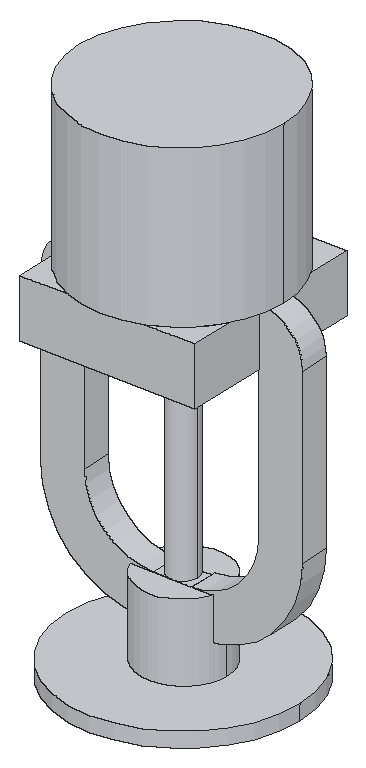
Revit family
Parameters (values of type "RASCO F1FR56-300 PENDENT")
  Temperature Rating = 135 °F
  Response = 1
  RASCO SIN # = "RA2614"
  RASCO Part # = "F1FR56P0W3"
  Pressure Rating = "300 PSI"
  Pressure Class = 1
  Orifice Size = 1/2"
  Orifice = (empty or 0)
  Model = "F1FR56-300"
  Manufacturer = "RASCO"
  K-Factor = 5.6
  Description = "White Finish"
  Coverage = (empty or 0)
Reference planes (in)
  plane 1 "Center (Front/Back)": y = 0
  plane 2: z = 0
  plane 3 "Center (Left/Right)": x = 0
Dimensions and locks (in)
  aligned and locked: plane 2 to level
Nested families (in)
  nested 1: "F1FR56P0W3" at (-0.0113, 0, 2.4375) x (-1, 0, 0) z (0, 0, -1), type "RASCO F1FR56-300 PENDENT"
Connectors (in)
  piping at (-0.0113, 0, 2.4375)
    settings: on nested 1, index 1, connector radius 115/256", flow factor 0, pipe flow 0 GPM, pressure drop 0.00 psi, fitting loss kfactor 0, connector angle 0.00°, fixture units 0, flow configuration 0, flow direction 0, fitting loss method 0, system type 7, connector reference index -1, connector utility 0, adjustable connector no, is connector primary yes, fitting loss table "", connector description ""
Definition of nested family "F1FR56P0W3"
  Parameters (values of type "RASCO F1FR56-300 PENDENT")
    Type Comments = ""
    Temperature Rating = 0 °F
    Response = (empty or 0)
    Pressure Rating = "0"
    Pressure Class = (empty or 0)
    Orifice Size = 0"
    Orifice = (empty or 0)
    Model = ""
    Manufacturer = ""
    K-Factor = 0
    Description = ""
    Coverage = (empty or 0)
    Assembly Code = ""
  Reference planes (in)
    plane 1 "Center (Front/Back)": y = 0
    plane 2: z = 0
    plane 3 "ref.2": z = 0.6875
    plane 4 "ref.3": z = 0.9375
    plane 5: x = -0.38065
    plane 6: x = 0.36935
    plane 7 "ref. side 1": y = 0.06402
    plane 8 "ref. side 2": y = -0.06098
    plane 9 "ref.4": z = 1.875
    plane 10 "ref.5": z = 2.3125
    plane 11 "ref.6": z = 2.4375
  Forms (in)
    Extrusion 1, solid
      sketch origin (0, 0, 0) x (1, 0, 0) y (0, 1, 0)
        loop
          circle (0, 0) r 0.4379
      from 0 to 0.6875
    Extrusion 2, solid
      sketch origin (-0.12185, 0.05177, 0.6875) x (1, 0, 0) y (0, 1, 0)
        loop
          line (-0.2588, 0.356) -> (-0.2588, -0.4565) -> (0.4912, -0.4565) -> (0.4912, 0.356) -> (-0.2588, 0.356)
      from 0 to 0.25
    Extrusion 3, solid
      sketch origin (0, 0, 0) x (1, 0, 0) y (0, 0, 1)
        loop
          line (-0.38065, 0.68754) -> (-0.38065, 1.58397)
          arc (-0.38065, 1.58397) -> (-0.29541, 1.78976) -> (-0.08962, 1.875) r 0.29103
          line (-0.08962, 1.875) -> (0.07524, 1.875)
          arc (0.07524, 1.875) -> (0.28321, 1.78886) -> (0.36935, 1.58089) r 0.29411
          line (0.36935, 1.58089) -> (0.36935, 0.68751)
          arc (0.36935, 0.68751) -> (0.50207, 0.74393) -> (0.55685, 0.87734) r 0.18984
          line (0.55685, 0.87734) -> (0.55685, 1.61676)
          arc (0.55685, 1.61676) -> (0.42629, 1.93194) -> (0.11111, 2.0625) r 0.44574
          line (0.11111, 2.0625) -> (-0.12259, 2.0625)
          arc (-0.12259, 2.0625) -> (-0.43765, 1.932) -> (-0.56815, 1.61694) r 0.44556
          line (-0.56815, 1.61694) -> (-0.56815, 0.87876)
          arc (-0.56815, 0.87876) -> (-0.51345, 0.74486) -> (-0.38065, 0.68754) r 0.19126
      from -0.06402 to 0.06098
    Extrusion 4, solid
      sketch origin (0, 0, 0.9375) x (-1, 0, 0) y (0, -1, 0)
        loop
          circle (0.00574, -0.00152) r 0.0625
      from 0 to 0.9375
    Extrusion 5, solid
      sketch origin (0, 0, 1.875) x (-1, 0, 0) y (0, -1, 0)
        loop
          circle (0.00574, -0.00152) r 0.1875
      from 0 to 0.4375
    Extrusion 6, solid
      sketch origin (0, 0, 2.3125) x (0, -1, 0) y (1, 0, 0)
        loop
          circle (-0.00152, -0.00574) r 0.5
      from -0.10531 to -0.03987
  Cuts and joins
    joined: Extrusion 1, Extrusion 2, Extrusion 4
  Lines and regions (in)
    model lines
      curve 1: line (-0.00574, 0.06402, 1.875) -> (-0.00574, -0.06098, 1.875)
